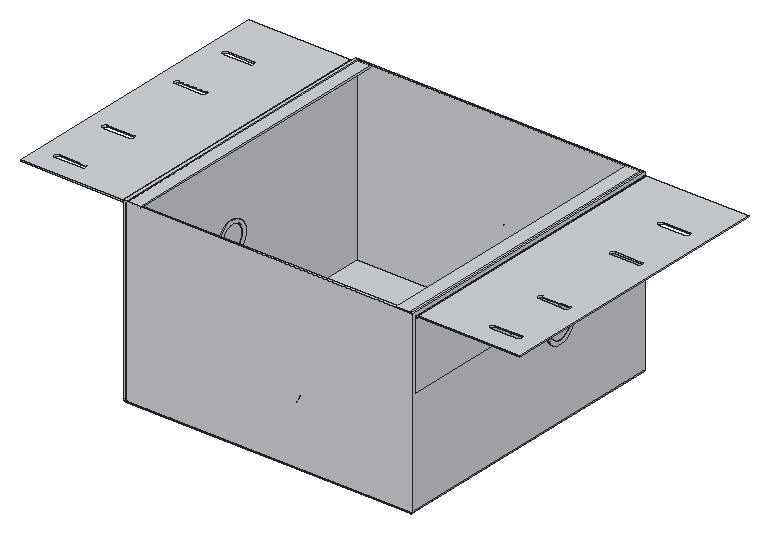
Revit family "FEST-SERIES", category Communication Devices, host Face, Revit 2014
Parameters (values of type "FEST-IH")
  Width = 16.63"
  Weight in Pounds = 0
  Warranty = "1 Year"
  Vertical Symmetry = yes
  URL = "www.atlassound.com"
  Specification by User (default) = "TBD"
  ScheduleType |RF| = "AtlasIED Master"
  Product Page URL = "https://www.atlasied.com/fest-ih"
  Product Documentation Link = "https://www.atlasied.com/f/2864/ATS002382C%20IP%20Enclosures%20Datasheet.pdf"
  OmniClass Title = "AUDIO VISUAL ENCLOSURES"
  OmniClass Number = "23-37 17 13 19"
  Mount Material = Default
  Model = "FEST-IH"
  MaterFormat Title = "AUDIO VISUAL ENCLOSURES"
  MasterFormat = "27 41 13"
  Market = "Commercial, Higher Education, Emergency"
  Manufacturer URL = "https://www.atlasied.com"
  Manufacturer Phone = "(800) 876 - 3333"
  Manufacturer Email = "support@atlasied.com"
  Manufacturer Address = "4545 E. Baseline Rd., Phoenix, AZ 85042"
  Manufacturer = "ATLAS SOUND"
  IQ Category = "AUDIO VISUAL INTERCOMS"
  Horizontal Symmetry = yes
  Height = 6.00"
  Grill Material = none
  Family Version = "2017-01"
  Family Code (default) = "LOUD SPEAKER ENCLOSURES"
  Enclosure Material = none
  Description = "FLUSH MOUNT STAINLESS STEEL ENCLOSURE IS DESIGNED FOR USE ONLY WITH ATLAS SOUND LOUDSPEAKER SYSTEM MODEL IHVP. EXTERNAL MOUNTING WINGS ALLOW FOR EASY INSTALLATION INTO STUD MATERIAL. THE ENCLOSURE IS CONSTRUCTED OF 18-GAUGE STAINLESS STEEL."
  Depth = 9.63"
  Default Elevation = 48.00"
  Cost MSRP = 0
  Cost = 0
  Color = none
  Bracket Spacing = 14.50"
  Bracket Offset [instance] = 0.10"
  Show Bracket [instance] = yes
  Body Spacing = 9.63"
  Body Material = Default
  Baffle Material = none
Types (4): name | Width | Specification by User (default) | Product Page URL | Model | Height | Description | Depth | Bracket Spacing | Bracket Offset | Body Spacing
  (no name) | 16.63" | "TBD" | "https://www.atlasied.com/fest-ih" | "FEST-IH" | 6.00" | "FLUSH MOUNT STAINLESS STEEL ENCLOSURE IS DESIGNED FOR USE ONLY WITH ATLAS SOUND LOUDSPEAKER SYSTEM MODEL IHVP. EXTERNAL MOUNTING WINGS ALLOW FOR EASY INSTALLATION INTO STUD MATERIAL. THE ENCLOSURE IS CONSTRUCTED OF 18-GAUGE STAINLESS STEEL." | 9.63" | 14.50" | 0.10" | 9.63"
  FEST-18S | 17.63" | "TBD" | "https://www.atlasied.com/fest-i8s" | "FEST-I8S" | 3.75" | "FLUSH MOUNT ENCLOSURE IS DESIGNED FOR USE ONLY WITH ATLAS SOUND LOUDSPEAKER SYSTEM MODELS I8SC, I8SCH, AND I8SCM. THE UNIT INCLUDES A SLOT STYLE MOUNTING SYSTEM TO ACCOMMODATE MOST ANY MATERIAL THICKNESS. THE ENCLOSURE IS CONSTRUCTED OF 20-GAUGE CRS AND FINISHED IN TEXTURED WHITE EPOXY." | 10.63" | 15.50" | 0.00" | 10.63"
  FEST-18SC | 18.63" | "" | "https://www.atlasied.com/fest-i8sc" | "FEST-I8SC" | 4.00" | "FLUSH MOUNT ENCLOSURE IS DESIGNED FOR USE ONLY WITH ATLAS SOUND LOUDSPEAKER SYSTEM MODELS I8S AND I8SM. THE UNIT INCLUDES A SLOT STYLE MOUNTING SYSTEM TO ACCOMMODATE ALMOST ANY MATERIAL THICKNESS. THE ENCLOSURE IS CONSTRUCTED OF 20-GAUGE CRS AND FINISHED IN RECLAIMED POWDER COAT FINISH." | 13.13" | 16.50" | 0.10" | 11.59"
  FEST-IH | 16.63" | "TBD" | "https://www.atlasied.com/fest-ih" | "FEST-IH" | 6.00" | "FLUSH MOUNT STAINLESS STEEL ENCLOSURE IS DESIGNED FOR USE ONLY WITH ATLAS SOUND LOUDSPEAKER SYSTEM MODEL IHVP. EXTERNAL MOUNTING WINGS ALLOW FOR EASY INSTALLATION INTO STUD MATERIAL. THE ENCLOSURE IS CONSTRUCTED OF 18-GAUGE STAINLESS STEEL." | 9.63" | 14.50" | 0.10" | 9.63"
Reference planes (in)
  plane 1 "Center (Front/Back)": y = 0
  plane 2: z = 0
  plane 3 "Center (Left/Right)": x = 0
  plane 4: x = 16.63
  plane 5: y = 9.63
  plane 6: z = -6
  plane 7: x = 3.5
  plane 8: x = 13.13
  plane 9: x = 8.315
Forms (in)
  Extrusion 1, void
    sketch origin (0, 0, 0) x (1, 0, 0) y (0, 1, 0)
      loop
        line (3.5, 0) -> (13.13, 0) -> (13.13, 9.63) -> (3.5, 9.63) -> (3.5, 0)
    from 0 to -6
Dimensions and locks (in)
  "Height": level to plane 6
  "Width": plane 3 "Center (Left/Right)" to plane 4
  "Depth": plane 5 to plane 1 "Center (Front/Back)"
  equal spacing: plane 3 "Center (Left/Right)", plane 9, plane 4
  equal spacing: plane 7, plane 9, plane 8
  "Body Spacing": plane 7 to plane 8
  aligned and locked: plane 2 to host face
  aligned and locked: level to host face
  aligned and locked: plane 5 to Extrusion 1 sketch curve
  aligned and locked: Extrusion 1 to plane 6
  aligned and locked: plane 6 to nested 1
  aligned and locked: nested 1 to plane 3 "Center (Left/Right)"
  aligned and locked: Extrusion 1 sketch curve to plane 7
  aligned and locked: plane 8 to Extrusion 1 sketch curve
Automatic sketch dimensions
  host sketch curve to host sketch curve = 96.00"  (x2)
  plane 1 "Center (Front/Back)" to Extrusion 1 sketch curve = 0.00"
Nested families (in)
  nested 1: "QF_FEST-SERIES" at (8.315, 0, -3) x (1, 0, 0) z (0, 1, 0), Bracket Offset <- "Bracket Offset", Bracket <- "Show Bracket", type "FEST-SERIES"
    with Family Version "2017-01", Bracket Offset 0.10", Bracket yes, Width 16.63", Height 9.63", Depth 6.00", Bracket Spacing 14.50", Body Spacing 9.63"
Definition of nested family "QF_FEST-SERIES"
  Parameters (values of type "FEST-SERIES")
    Width = 17.63"
    Weight Product = 0
    Warranty = "TBD"
    Vertical Symmetry = yes
    URL = "www.atlassound.com"
    Specification by User (default) = "TBD"
    ScheduleType |RF| = "AtlasIED Master"
    Product Page URL = "https://www.atlasied.com/fest-i8s"
    Product Documentation Link = "https://www.atlasied.com/f/2864/ATS002382C%20IP%20Enclosures%20Datasheet.pdf"
    OmniClass Title = "AUDIO VISUAL ENCLOSURES"
    OmniClass Number = "23-37 17 13 19"
    Mount Material = Default
    Model = "FEST-I8S"
    MaterFormat Title = "Public Information Systems"
    MasterFormat = "27 41 13"
    Market = "Commercial, Higher Education, Emergency"
    Manufacturer URL = "https://www.atlasied.com"
    Manufacturer Phone = "(800) 876 - 3333"
    Manufacturer Email = "support@atlasied.com"
    Manufacturer Address = "4545 E. Baseline Rd., Phoenix, AZ 85042"
    Manufacturer = "ATLAS SOUND"
    Ingress Protection = "TBD"
    IQ Category = "AUDIO VISUAL ENCLOSURES"
    Horizontal Symmetry = yes
    Height = 10.63"
    Grill Material = none
    Family Version [instance] = "2017-01"
    Family Code (default) = "LOUD SPEAKERS"
    Enclosure Material = none
    Description = "FLUSH MOUNT ENCLOSURE IS DESIGNED FOR USE ONLY WITH ATLAS SOUND LOUDSPEAKER SYSTEM MODELS I8S AND I8SM. THE UNIT INCLUDES A SLOT STYLE MOUNTING SYSTEM TO ACCOMMODATE ALMOST ANY MATERIAL THICKNESS. THE ENCLOSURE IS CONSTRUCTED OF 20-GAUGE CRS AND FINISHED IN RECLAIMED POWDER COAT FINISH."
    Depth = 3.75"
    Cost MSRP = 0
    Cost = 0
    Color = none
    Bracket Spacing = 15.50"
    Bracket Offset [instance] = 0.00"
    Bracket [instance] = yes
    Body Spacing = 10.63"
    Body Material = Default
    Baffle Material = none
  Reference planes (in)
    plane 1 "Center (Front/Back)": y = 0
    plane 2: z = 0
    plane 3 "Center (Left/Right)": x = 0
    plane 4: z = 10.63
    plane 5: x = 8.815
    plane 6: x = -8.815
    plane 7: x = 7.75
    plane 8: x = -7.75
    plane 9: y = 1.875
    plane 10: y = -1.875
    plane 11: x = -5.315
    plane 12: x = 5.315
    plane 13: z = 5.315
    plane 14: y = -1.909
    plane 15: y = -1.909
  Forms (in)
    Extrusion 1, solid, material "QF_Metal - Stainless - Polished", visible <- "Bracket"
      sketch origin (0, 0, 0) x (1, 0, 0) y (0, 1, 0)
        loop
          line (5.344, -0.625) -> (5.31, -0.625) -> (5.31, -1.809)
          arc (5.31, -1.809) -> (5.33929, -1.87971) -> (5.41, -1.909) r 0.1
          line (5.41, -1.909) -> (8.815, -1.909) -> (8.815, -1.875) -> (5.41, -1.875)
          arc (5.41, -1.875) -> (5.36333, -1.85567) -> (5.344, -1.809) r 0.066
          line (5.344, -1.809) -> (5.344, -0.625)
        loop
          line (-5.344, -0.625) -> (-5.344, -1.809)
          arc (-5.344, -1.809) -> (-5.36333, -1.85567) -> (-5.41, -1.875) r 0.066
          line (-5.41, -1.875) -> (-8.815, -1.875) -> (-8.815, -1.909) -> (-5.41, -1.909)
          arc (-5.41, -1.909) -> (-5.33929, -1.87971) -> (-5.31, -1.809) r 0.1
          line (-5.31, -1.809) -> (-5.31, -0.625) -> (-5.344, -0.625)
      from 0.56 to 10.07
    Extrusion 2, solid, material "QF_Metal - Stainless - Polished"
      sketch origin (-17.28487, 1.875, 0) x (1, 0, 0) y (0, 0, -1)
        loop
          line (12.06587, -10.584) -> (22.54487, -10.584) -> (22.54487, -0.046) -> (12.06587, -0.046) -> (12.06587, -10.584)
        loop
          line (22.59987, -10.63) -> (22.59987, 0) -> (11.96987, 0) -> (11.96987, -10.63) -> (22.59987, -10.63)
      from -0.05 to -3.75
    Extrusion 3, solid, material "QF_Metal - Stainless - Polished"
      sketch origin (5.315, 1.875, 10.63) x (-1, 0, 0) y (0, -1, 0)
        loop
          circle (5.3175, 1.25) r 0.5625
        loop
          circle (5.3175, 1.245) r 0.4375
      from 0 to 0.06
    Extrusion 4, solid, material "QF_Metal - Stainless - Polished"
      sketch origin (-5.219, 1.875, 0.046) x (1, 0, 0) y (0, 1, 0)
        loop
          circle (5.2165, -1.25) r 0.5625
        loop
          circle (5.2165, -1.245) r 0.4375
      from 0 to 0.06
    Extrusion 5, solid, material "QF_Metal - Stainless - Polished"
      sketch origin (-5.22478, 1.825, 0) x (1, 0, 0) y (0, 0, 1)
        loop
          circle (5.22478, 6.0675) r 0.56
        loop
          circle (5.22478, 6.0675) r 0.44
      from 0 to 0.06
    Extrusion 6, solid, material "QF_Metal - Stainless - Polished"
      sketch origin (-5.219, 1.875, 10.584) x (0, 0, -1) y (0, 1, 0)
        loop
          circle (5.769, -1.875) r 0.56
        loop
          circle (5.769, -1.875) r 0.44
      from 0 to 0.06
    Extrusion 7, solid, material "QF_Metal - Stainless - Polished"
      sketch origin (5.26, 1.875, 10.584) x (0, 0, -1) y (0, -1, 0)
        loop
          circle (5.769, 1.875) r 0.56
        loop
          circle (5.769, 1.875) r 0.44
      from 0 to 0.06
    Extrusion 8, void
      sketch origin (-9.815, -1.909, 48) x (1, 0, 0) y (0, 0, 1)
        loop
          line (1.6275, -39.77625) -> (2.5025, -39.77625)
          arc (2.5025, -39.77625) -> (2.59625, -39.6825) -> (2.5025, -39.58875) r 0.09375
          line (2.5025, -39.58875) -> (1.6275, -39.58875)
          arc (1.6275, -39.58875) -> (1.53375, -39.6825) -> (1.6275, -39.77625) r 0.09375
        loop
          line (1.6275, -41.77625) -> (2.5025, -41.77625)
          arc (2.5025, -41.77625) -> (2.59625, -41.6825) -> (2.5025, -41.58875) r 0.09375
          line (2.5025, -41.58875) -> (1.6275, -41.58875)
          arc (1.6275, -41.58875) -> (1.53375, -41.6825) -> (1.6275, -41.77625) r 0.09375
        loop
          arc (1.6275, -44.58875) -> (1.53375, -44.6825) -> (1.6275, -44.77625) r 0.09375
          line (1.6275, -44.77625) -> (2.5025, -44.77625)
          arc (2.5025, -44.77625) -> (2.59625, -44.6825) -> (2.5025, -44.58875) r 0.09375
          line (2.5025, -44.58875) -> (1.6275, -44.58875)
        loop
          arc (1.6275, -46.58875) -> (1.53375, -46.6825) -> (1.6275, -46.77625) r 0.09375
          line (1.6275, -46.77625) -> (2.5025, -46.77625)
          arc (2.5025, -46.77625) -> (2.59625, -46.6825) -> (2.5025, -46.58875) r 0.09375
          line (2.5025, -46.58875) -> (1.6275, -46.58875)
        loop
          arc (18.0025, -39.77625) -> (18.09625, -39.6825) -> (18.0025, -39.58875) r 0.09375
          line (18.0025, -39.58875) -> (17.1275, -39.58875)
          arc (17.1275, -39.58875) -> (17.03375, -39.6825) -> (17.1275, -39.77625) r 0.09375
          line (17.1275, -39.77625) -> (18.0025, -39.77625)
        loop
          arc (18.005, -41.77625) -> (18.09875, -41.6825) -> (18.005, -41.58875) r 0.09375
          line (18.005, -41.58875) -> (17.13, -41.58875)
          arc (17.13, -41.58875) -> (17.03625, -41.6825) -> (17.13, -41.77625) r 0.09375
          line (17.13, -41.77625) -> (18.005, -41.77625)
        loop
          line (18.005, -44.58875) -> (17.13, -44.58875)
          arc (17.13, -44.58875) -> (17.03625, -44.6825) -> (17.13, -44.77625) r 0.09375
          line (17.13, -44.77625) -> (18.005, -44.77625)
          arc (18.005, -44.77625) -> (18.09875, -44.6825) -> (18.005, -44.58875) r 0.09375
        loop
          line (18.005, -46.58875) -> (17.13, -46.58875)
          arc (17.13, -46.58875) -> (17.03625, -46.6825) -> (17.13, -46.77625) r 0.09375
          line (17.13, -46.77625) -> (18.005, -46.77625)
          arc (18.005, -46.77625) -> (18.09875, -46.6825) -> (18.005, -46.58875) r 0.09375
      from 0 to -1
    Extrusion 9, solid, material "QF_Metal - Stainless - Polished"
      sketch origin (5.315, 1.875, 10.63) x (0, 0, -1) y (0, 1, 0)
        loop
          circle (4.565, -1.875) r 0.56
        loop
          circle (4.565, -1.875) r 0.44
      from 0 to 0.06
    Extrusion 10, solid, material "QF_Metal - Stainless - Polished"
      sketch origin (-5.315, -1.763, 0) x (0, 1, 0) y (0, 0, -1)
        loop
          circle (1.763, -6.065) r 0.56
        loop
          circle (1.763, -6.065) r 0.44
      from 0 to 0.06
    Extrusion 11, solid, material "QF_Metal - Stainless - Polished"
      sketch origin (-5.203, 1.875, 0) x (1, 0, 0) y (0, 0, -1)
        loop
          circle (5.203, -6.0675) r 0.56
        loop
          circle (5.203, -6.0675) r 0.44
      from 0 to 0.06
    Extrusion 12, solid, material "QF_Metal - Stainless - Polished"
      sketch origin (0, 0, 0) x (1, 0, 0) y (0, 1, 0)
        loop
          arc (-5.315, -1.763) -> (-5.2822, -1.8422) -> (-5.203, -1.875) r 0.112
          line (-5.203, -1.875) -> (-4.7525, -1.875) -> (-4.7525, -1.829) -> (-5.269, -1.829) -> (-5.269, 1.763)
          arc (-5.269, 1.763) -> (-5.25686, 1.80111) -> (-5.22478, 1.825) r 0.06531
          line (-5.22478, 1.825) -> (5.21978, 1.825)
          arc (5.21978, 1.825) -> (5.25186, 1.80111) -> (5.264, 1.763) r 0.06531
          line (5.264, 1.763) -> (5.264, -1.829) -> (4.7475, -1.829) -> (4.7475, -1.875) -> (5.198, -1.875)
          arc (5.198, -1.875) -> (5.2772, -1.8422) -> (5.31, -1.763) r 0.112
          line (5.31, -1.763) -> (5.31, 1.763)
          arc (5.31, 1.763) -> (5.2772, 1.8422) -> (5.198, 1.875) r 0.112
          line (5.198, 1.875) -> (-5.203, 1.875)
          arc (-5.203, 1.875) -> (-5.2822, 1.8422) -> (-5.315, 1.763) r 0.112
          line (-5.315, 1.763) -> (-5.315, -1.763)
      from 0 to 10.63
  Cuts and joins
    Extrusion 8 cuts Extrusion 1
  Lines and regions (in)
    symbolic lines, visible <- "Bracket"
      curve 1: line (5.41, -1.909, 0) -> (8.815, -1.909, 0)
      curve 2: line (8.815, -1.909, 0) -> (8.815, -1.875, 0)
      curve 3: line (8.815, -1.875, 0) -> (5.41, -1.875, 0)
      curve 4: arc (5.41, -1.875, 0) -> (5.36333, -1.85567, 0) -> (5.344, -1.809, 0) r 0.066
      curve 5: line (5.344, -1.809, 0) -> (5.344, -0.375, 0)
      curve 6: line (5.344, -0.375, 0) -> (5.31, -0.375, 0)
      curve 7: line (5.31, -0.375, 0) -> (5.31, -1.809, 0)
      curve 8: arc (5.31, -1.809, 0) -> (5.33929, -1.87971, 0) -> (5.41, -1.909, 0) r 0.1
      curve 9: line (-5.41, -1.909, 0) -> (-8.815, -1.909, 0)
      curve 10: line (-8.815, -1.909, 0) -> (-8.815, -1.875, 0)
      curve 11: line (-8.815, -1.875, 0) -> (-5.41, -1.875, 0)
      curve 12: arc (-5.41, -1.875, 0) -> (-5.36333, -1.85567, 0) -> (-5.344, -1.809, 0) r 0.066
      curve 13: line (-5.344, -1.809, 0) -> (-5.344, -0.375, 0)
      curve 14: line (-5.344, -0.375, 0) -> (-5.31, -0.375, 0)
      curve 15: line (-5.31, -0.375, 0) -> (-5.31, -1.809, 0)
      curve 16: arc (-5.31, -1.809, 0) -> (-5.33929, -1.87971, 0) -> (-5.41, -1.909, 0) r 0.1
    symbolic lines
      curve 17: line (5.198, 1.875, 0) -> (-5.203, 1.875, 0)
      curve 18: line (-5.315, 1.763, 0) -> (-5.315, -1.875, 0)
      curve 19: arc (-5.203, 1.875, 0) -> (-5.2822, 1.8422, 0) -> (-5.315, 1.763, 0) r 0.112
      curve 20: line (5.31, -1.875, 0) -> (5.31, 1.763, 0)
      curve 21: arc (5.31, 1.763, 0) -> (5.2772, 1.8422, 0) -> (5.198, 1.875, 0) r 0.112
      curve 22: line (4.7475, -1.875, 0) -> (5.198, -1.875, 0)
      curve 23: line (-5.315, -1.875, 0) -> (5.31, -1.875, 0)
      curve 24: arc (-0.44, 0.63, 0) -> (-0.0025, 1.0675, 0) -> (0.435, 0.63, 0) r 0.4375
      curve 25: arc (0.435, 0.63, 0) -> (-0.0025, 0.1925, 0) -> (-0.44, 0.63, 0) r 0.4375
      curve 26: arc (-0.565, 0.625, 0) -> (-0.0025, 0.0625, 0) -> (0.56, 0.625, 0) r 0.5625
      curve 27: arc (0.56, 0.625, 0) -> (-0.0025, 1.1875, 0) -> (-0.565, 0.625, 0) r 0.5625
  Dimensions and locks (in)
    "Height": plane 4 to plane 2
    "Width": plane 6 to plane 5
    "Bracket Spacing": plane 8 to plane 7
    "Depth": plane 10 to plane 9
    Extrusion 8 sketch curve to plane 8 to Extrusion 8 sketch curve = 0.4375" locked, 0.4375" locked
    Extrusion 8 sketch curve to plane 7 to Extrusion 8 sketch curve = 0.4375" locked, 0.4375" locked
    "Body Spacing": plane 11 to plane 12
    locked: plane 11 to Extrusion 2 sketch curve at 0.096
    locked: plane 4 to Extrusion 2 sketch curve at 0.046
    locked: Extrusion 2 sketch curve to plane 12 at 0.055
    locked: plane 1 "Center (Front/Back)" to Extrusion 3 sketch curve at 0.625
    plane 1 "Center (Front/Back)" to Extrusion 3 sketch curve = 0.63"
    locked: Extrusion 6 sketch curve to plane 1 "Center (Front/Back)" at 0
    locked: Extrusion 9 sketch curve to plane 1 "Center (Front/Back)" at 0
    equal spacing: plane 6, plane 3 "Center (Left/Right)", plane 5
    equal spacing: plane 10, plane 1 "Center (Front/Back)", plane 9
    equal spacing: plane 8, plane 3 "Center (Left/Right)", plane 7
    equal spacing: plane 11, plane 3 "Center (Left/Right)", plane 12
    equal spacing: plane 4, plane 13, plane 2
    locked: plane 13 to Extrusion 6 sketch curve at 0.5
    locked: plane 13 to Extrusion 7 sketch curve at 0.5
    cut or joined group of Extrusion 1, Extrusion 8 to cut or joined group of Extrusion 1, Extrusion 8 to cut or joined group of Extrusion 1, Extrusion 8 to cut or joined group of Extrusion 1, Extrusion 8 to plane 13 to cut or joined group of Extrusion 1, Extrusion 8 to cut or joined group of Extrusion 1, Extrusion 8 to cut or joined group of Extrusion 1, Extrusion 8 to cut or joined group of Extrusion 1, Extrusion 8 = 0.1875" locked, 1.8125" locked, 0.1875" locked, 0.90875" locked, 1.90375" locked, 0.1875" locked, 1.8125" locked, 0.1875" locked  (x2)
    cut or joined group of Extrusion 1, Extrusion 8 to plane 13 to cut or joined group of Extrusion 1, Extrusion 8 = 4.755" locked, 4.755" locked
    locked: Extrusion 11 sketch curve to plane 13 at 0.7525
    locked: Extrusion 11 sketch curve to plane 3 "Center (Left/Right)" at 0
    locked: Extrusion 5 sketch curve to plane 13 at 0.7525
    locked: Extrusion 5 sketch curve to plane 3 "Center (Left/Right)" at 0
    locked: Extrusion 1 sketch curve to plane 14 at 0.034  (x2)
    locked: plane 10 to plane 15 at 0.034
    "Bracket Offset": plane 14 to plane 15
    radius of Extrusion 1 sketch curve = 0.066"  (x2)
    radius of Extrusion 1 sketch curve = 0.10"  (x2)
    aligned and locked: plane 2 to level
    aligned and locked: Extrusion 2 sketch curve to plane 12
    aligned and locked: plane 11 to Extrusion 2 sketch curve
    aligned and locked: plane 4 to Extrusion 2 sketch curve
    aligned and locked: Extrusion 4 sketch curve to Extrusion 3  (x2)
    aligned and locked: Extrusion 12 sketch curve to Extrusion 12 sketch curve
    aligned and locked: Extrusion 2 to plane 10
    aligned and locked: Extrusion 12 to Extrusion 2
    aligned and locked: Extrusion 10 sketch curve to Extrusion 9  (x4)
    aligned and locked: Extrusion 2 to Extrusion 12
    aligned and locked: Extrusion 1 sketch curve to plane 14
    aligned and locked: plane 14 to Extrusion 1 sketch curve
    aligned and locked: curve 1 to plane 14
    aligned and locked: curve 3 to cut or joined group of Extrusion 1, Extrusion 8
    aligned and locked: plane 14 to curve 9
    aligned and locked: curve 11 to cut or joined group of Extrusion 1, Extrusion 8
  Automatic sketch dimensions
    Extrusion 2 sketch curve to level = 0.00"
    level to Extrusion 2 sketch curve = 0.046"
    curve 4 to curve 8 = 0.00"
    curve 8 to curve 4 = 0.00"
    curve 16 to curve 12 = 0.00"
    curve 10 to plane 6 = 0.00"
    curve 1 to plane 5 = 0.00"
    plane 11 to curve 11 = 0.095"
    plane 11 to curve 13 = 0.029"
    curve 14 to plane 11 = 0.005"
    curve 6 to plane 12 = 0.005"
    curve 4 to curve 3 = 0.066"
    plane 1 "Center (Front/Back)" to curve 13 = 0.375"
    plane 1 "Center (Front/Back)" to curve 6 = 0.375"
    Extrusion 3 sketch curve to Extrusion 2 = 5.3125"
    Extrusion 3 sketch curve to Extrusion 3 sketch curve = 0.00"
    Extrusion 6 sketch curve to Extrusion 6 sketch curve = 0.00"  (x2)
    Extrusion 7 sketch curve to Extrusion 7 sketch curve = 0.00"  (x2)
    Extrusion 2 to Extrusion 7 sketch curve = 1.825"
    Extrusion 12 sketch curve to plane 11 = 0.00"
    Extrusion 12 sketch curve to plane 10 = 0.00"  (x2)
    plane 9 to Extrusion 12 sketch curve = 0.00"
    Extrusion 12 sketch curve to plane 11 = 0.046"
    Extrusion 12 sketch curve to Extrusion 12 sketch curve = 0.04422"
    Extrusion 12 sketch curve to Extrusion 12 sketch curve = 0.02109"
    Extrusion 12 sketch curve to Extrusion 12 sketch curve = 0.066"  (x2)
    Extrusion 12 sketch curve to Extrusion 12 sketch curve = 0.02178"  (x2)
    Extrusion 12 sketch curve to Extrusion 12 sketch curve = 0.4505"
    plane 10 to Extrusion 12 sketch curve = 0.046"
    Extrusion 12 sketch curve to plane 12 = 0.5675"
    Extrusion 12 sketch curve to plane 12 = 0.117"  (x2)
    Extrusion 12 sketch curve to Extrusion 12 sketch curve = 0.00069"
    Extrusion 12 sketch curve to plane 12 = 0.051"
    Extrusion 12 sketch curve to plane 12 = 0.005"
    Extrusion 12 sketch curve to Extrusion 12 sketch curve = 0.00"  (x3)
    Extrusion 12 sketch curve to Extrusion 12 sketch curve = 0.00019"
    curve 18 to plane 11 = 0.00"
    plane 9 to curve 19 = 0.00"
    curve 19 to curve 19 = 0.112"
    curve 17 to plane 12 = 0.117"
    curve 20 to plane 12 = 0.005"
    curve 23 to plane 10 = 0.00"
    curve 22 to plane 10 = 0.00"
    curve 22 to plane 12 = 0.5675"
    curve 22 to plane 12 = 0.117"
    curve 25 to plane 3 "Center (Left/Right)" = 0.0025"
    curve 24 to plane 1 "Center (Front/Back)" = 0.63"
    curve 24 to curve 24 = 0.4375"
    curve 27 to plane 3 "Center (Left/Right)" = 0.0025"
    curve 27 to curve 24 = 0.005"
    curve 26 to curve 25 = 0.125"
    Extrusion 9 sketch curve to Extrusion 9 sketch curve = 0.00"  (x2)
    Extrusion 9 sketch curve to Extrusion 2 = 6.065"
    Extrusion 5 sketch curve to Extrusion 5 sketch curve = 0.00"  (x2)
    Extrusion 11 sketch curve to Extrusion 11 sketch curve = 0.00"  (x2)
    Extrusion 1 sketch curve to Extrusion 1 sketch curve = 0.00"  (x2)
    Extrusion 1 sketch curve to plane 6 = 0.00"
    Extrusion 1 sketch curve to plane 5 = 0.00"
    plane 1 "Center (Front/Back)" to Extrusion 1 sketch curve = 0.625"  (x2)
    Extrusion 1 sketch curve to plane 11 = 0.005"
    Extrusion 1 sketch curve to plane 12 = 0.005"
    Extrusion 8 sketch curve to plane 7 = 0.44"  (x3)
    plane 7 to Extrusion 8 sketch curve = 0.435"  (x3)
    Extrusion 8 sketch curve to plane 8 = 0.4375"  (x3)
    plane 8 to Extrusion 8 sketch curve = 0.4375"  (x3)
    level to Extrusion 8 sketch curve = 1.22375"  (x2)
    Extrusion 8 sketch curve to Extrusion 8 sketch curve = 0.09375"  (x8)
    Extrusion 8 sketch curve to Extrusion 8 sketch curve = 1.8125"  (x4)
    plane 13 to Extrusion 8 sketch curve = 0.90875"  (x2)
    radius of Extrusion 3 sketch curve = 0.5625"
    radius of Extrusion 3 sketch curve = 0.4375"
    radius of Extrusion 6 sketch curve = 0.56"
    radius of Extrusion 6 sketch curve = 0.44"
    radius of Extrusion 7 sketch curve = 0.56"
    radius of Extrusion 7 sketch curve = 0.44"
    radius of Extrusion 9 sketch curve = 0.56"
    radius of Extrusion 9 sketch curve = 0.44"
    radius of Extrusion 5 sketch curve = 0.56"
    radius of Extrusion 5 sketch curve = 0.44"
    radius of Extrusion 11 sketch curve = 0.56"
    radius of Extrusion 11 sketch curve = 0.44"
